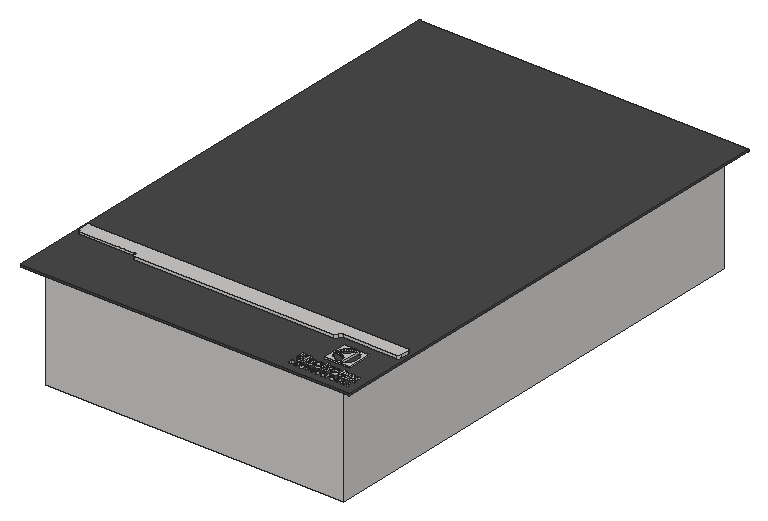
Revit family "QF_ELECTROLUXPROFESSIONAL_600876_E1HDEDOMCS", category Specialty Equipment, Revit 2018 (continued)
Definition of nested family "ELX_Logo_Professional"
  Forms (mm)
    Extrusion 2, solid
      sketch origin (-144.622, -1081.55, 0) x (-1, 0, 0) y (0, -1, 0)
        loop
          line (-165.194, -1069.514) -> (-165.194, -1074.25) -> (-163.245, -1074.25) -> (-163.245, -1071.898) -> (-163.245, -1069.098)
          arc (-163.245, -1069.098) -> (-166.96, -1065.769) -> (-170.687, -1069.085) r 3.745
          line (-170.687, -1069.085) -> (-170.687, -1071.898) -> (-170.687, -1074.25) -> (-168.739, -1074.25) -> (-168.739, -1069.514)
          arc (-168.739, -1069.514) -> (-166.967, -1067.742) -> (-165.194, -1069.514) r 1.772
        loop
          line (-174.654, -1070.416) -> (-172.975, -1068.078) -> (-171.578, -1066.131) -> (-173.656, -1066.131) -> (-175.717, -1068.999) -> (-177.779, -1066.131) -> (-179.857, -1066.131) -> (-178, -1068.728) -> (-176.781, -1070.433) -> (-178.29, -1072.488) -> (-179.583, -1074.25) -> (-177.473, -1074.25) -> (-175.717, -1071.818) -> (-173.945, -1074.25) -> (-171.852, -1074.25) -> (-173.052, -1072.608) -> (-174.654, -1070.416)
        loop
          circle (-154.223, -1070.188) r 2.508
        loop
          circle (-154.223, -1070.188) r 4.42
        loop
          line (-110.224, -1058.542) -> (-111.194, -1058.542)
          arc (-111.194, -1058.542) -> (-112.217, -1059.95) -> (-110.924, -1061.114) r 1.3
          line (-110.924, -1061.114) -> (-109.424, -1061.114) -> (-109.424, -1057.223) -> (-110.224, -1057.223) -> (-110.224, -1058.542)
        loop
          line (-110.224, -1060.379) -> (-110.224, -1059.293) -> (-111.03, -1059.293)
          arc (-111.03, -1059.293) -> (-111.43, -1059.836) -> (-111.03, -1060.379) r 0.569
          line (-111.03, -1060.379) -> (-110.224, -1060.379)
        loop
          line (-116.302, -1058.564) -> (-117.128, -1058.564) -> (-117.934, -1057.223) -> (-118.841, -1057.223) -> (-117.833, -1058.884)
          arc (-117.833, -1058.884) -> (-118.214, -1060.282) -> (-117.028, -1061.114) r 1.26
          line (-117.028, -1061.114) -> (-115.503, -1061.114) -> (-115.503, -1057.223) -> (-116.302, -1057.223) -> (-116.302, -1058.564)
        loop
          line (-116.302, -1060.379) -> (-116.302, -1059.293) -> (-117.109, -1059.293)
          arc (-117.109, -1059.293) -> (-117.508, -1059.836) -> (-117.109, -1060.379) r 0.569
          line (-117.109, -1060.379) -> (-116.302, -1060.379)
        loop
          line (-128.923, -1057.223) -> (-129.723, -1057.223) -> (-129.723, -1058.714) -> (-131.187, -1058.714) -> (-131.187, -1059.514) -> (-129.723, -1059.514) -> (-129.723, -1060.314) -> (-131.327, -1060.314) -> (-131.327, -1061.114) -> (-128.923, -1061.114) -> (-128.923, -1057.223)
        loop
          arc (-134.628, -1058.469) -> (-134.992, -1057.588) -> (-135.874, -1057.223) r 1.246
          line (-135.874, -1057.223) -> (-137.13, -1057.223) -> (-137.13, -1058.023) -> (-135.969, -1058.023)
          arc (-135.969, -1058.023) -> (-135.53, -1058.237) -> (-135.427, -1058.714) r 0.558
          line (-135.427, -1058.714) -> (-136.984, -1058.714) -> (-136.984, -1059.514) -> (-135.427, -1059.514) -> (-135.427, -1060.314) -> (-137.092, -1060.314) -> (-137.092, -1061.114) -> (-134.628, -1061.114) -> (-134.628, -1058.469)
        loop
          line (-152.3, -1057.223) -> (-153.1, -1057.223) -> (-153.1, -1061.114) -> (-152.3, -1061.114) -> (-152.3, -1057.223)
        loop
          line (-164.67, -1057.223) -> (-164.67, -1059.67) -> (-166.45, -1057.223) -> (-167.25, -1057.223) -> (-167.25, -1061.114) -> (-166.42, -1061.114) -> (-166.42, -1058.594) -> (-164.64, -1061.114) -> (-163.84, -1061.114) -> (-163.84, -1057.223) -> (-164.67, -1057.223)
        loop
          line (-170.403, -1057.223) -> (-171.262, -1057.223) -> (-171.641, -1058.063) -> (-173.08, -1058.063) -> (-173.459, -1057.223) -> (-174.317, -1057.223) -> (-172.796, -1061.113) -> (-171.996, -1061.113) -> (-170.403, -1057.223)
        loop
          line (-177.493, -1057.223) -> (-179.789, -1057.223) -> (-179.789, -1058.023) -> (-178.293, -1058.023) -> (-178.293, -1061.114) -> (-177.493, -1061.114) -> (-177.493, -1057.223)
        loop
          line (-172.362, -1059.848) -> (-171.945, -1058.83) -> (-172.76, -1058.83) -> (-172.362, -1059.848)
        loop
          circle (-158.484, -1059.145) r 1.288
        loop
          circle (-158.484, -1059.145) r 2.065
        loop
          arc (-146.04, -1058.095) -> (-146.933, -1057.275) -> (-148.145, -1057.245) r 1.725
          arc (-148.145, -1057.245) -> (-148.965, -1058.02) -> (-148.68, -1059.111) r 1.107
          arc (-148.68, -1059.111) -> (-148.103, -1059.465) -> (-147.486, -1059.746) r 5.523
          arc (-147.486, -1059.746) -> (-147.147, -1060.262) -> (-147.708, -1060.52) r 0.407
          arc (-147.708, -1060.52) -> (-148.045, -1060.315) -> (-148.325, -1060.038) r 1.702
          line (-148.325, -1060.038) -> (-149.011, -1060.45)
          arc (-149.011, -1060.45) -> (-148.578, -1060.911) -> (-148.043, -1061.247) r 2.463
          arc (-148.043, -1061.247) -> (-146.373, -1060.466) -> (-147.42, -1058.949) r 1.207
          spline (-147.42, -1058.949) -> (-147.716, -1058.809) -> (-147.932, -1058.678) -> (-148.077, -1058.557) -> (-148.163, -1058.446) -> (-148.198, -1058.347) -> (-148.192, -1058.258) -> (-148.157, -1058.182) -> (-148.102, -1058.118) -> (-148.037, -1058.068) -> (-147.972, -1058.031) -> (-147.917, -1058.008) -> (-147.883, -1058)
          arc (-147.883, -1058) -> (-147.238, -1058.014) -> (-146.759, -1058.446) r 0.925
          line (-146.759, -1058.446) -> (-146.04, -1058.095)
        loop
          arc (-140.18, -1058.095) -> (-141.073, -1057.275) -> (-142.285, -1057.245) r 1.725
          arc (-142.285, -1057.245) -> (-143.106, -1058.02) -> (-142.821, -1059.111) r 1.107
          arc (-142.821, -1059.111) -> (-142.243, -1059.465) -> (-141.627, -1059.746) r 5.523
          arc (-141.627, -1059.746) -> (-141.287, -1060.262) -> (-141.849, -1060.52) r 0.407
          arc (-141.849, -1060.52) -> (-142.185, -1060.315) -> (-142.466, -1060.038) r 1.702
          line (-142.466, -1060.038) -> (-143.151, -1060.45)
          arc (-143.151, -1060.45) -> (-142.719, -1060.911) -> (-142.183, -1061.247) r 2.463
          arc (-142.183, -1061.247) -> (-140.513, -1060.466) -> (-141.56, -1058.949) r 1.207
          spline (-141.56, -1058.949) -> (-141.856, -1058.809) -> (-142.072, -1058.678) -> (-142.218, -1058.557) -> (-142.303, -1058.446) -> (-142.338, -1058.347) -> (-142.333, -1058.258) -> (-142.298, -1058.182) -> (-142.242, -1058.118) -> (-142.177, -1058.068) -> (-142.112, -1058.031) -> (-142.057, -1058.008) -> (-142.023, -1058)
          arc (-142.023, -1058) -> (-141.378, -1058.014) -> (-140.9, -1058.446) r 0.925
          line (-140.9, -1058.446) -> (-140.18, -1058.095)
        loop
          circle (-123.484, -1059.145) r 1.288
        loop
          circle (-123.484, -1059.145) r 2.065
      from 0 to 1.6
  Dimensions and locks
    aligned and locked: plane 2 to Extrusion 1
    aligned and locked: level to Extrusion 1
Types (2, lengths in mm): name | Volts | URL | Manufacturer | Phase | Model | Item Number | Description | Cycle
  (no name) | 0 V | "" | "" | 0 | "" | "" | "" | 0 Hz
  Standard | 220 V | "http://professional.electrolux.com" | "Electrolux Professional" | 1 | "E1HDEDOMCS" | "600876" | "PLUG-IN INDUCTION MONO ZONE COOK TOP, DROP-IN" | 60 Hz
